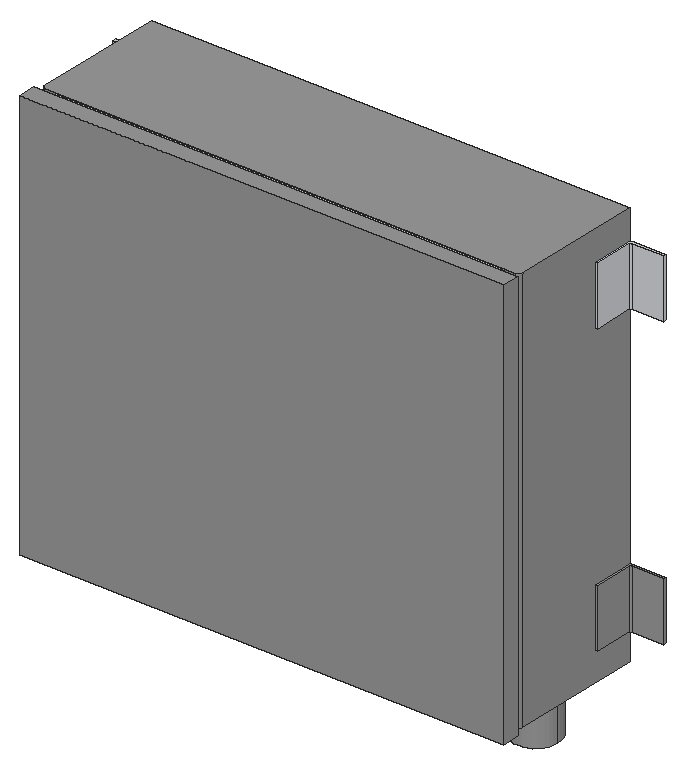
Revit family "GMV-N36、72、140、280、560UA&B&C-T control box", category 机械设备, Revit 2014
Parameters
  width = 334 mm
  height = 111.15 mm
  depth = 284 mm
Reference planes
  plane 1 "中心(前/后)": y = 0
  plane 2: z = 0
  plane 3 "中心(左/右)": x = 0
  plane 4: x = -0.55
  plane 5: x = 30.499
  plane 6: x = 55.986
  plane 7: x = 93.91
Forms (mm)
  Extrusion 1, solid, material "cabinet"
    sketch origin (0, 0, 0) x (1, 0, 0) y (0, 1, 0)
      loop
        line (165, 46.675) -> (-165, 46.675) -> (-165, -45.881)
        arc (-165, -45.881) -> (-164.284, -47.609) -> (-162.556, -48.325) r 2.444
        line (-162.556, -48.325) -> (162.344, -48.325)
        arc (162.344, -48.325) -> (164.222, -47.547) -> (165, -45.669) r 2.656
        line (165, -45.669) -> (165, 46.675)
    from -140.35 to 140.35
  Extrusion 2, solid
    sketch origin (0, 0, 0) x (1, 0, 0) y (0, 1, 0)
      loop
        line (-154.15, -48.325) -> (-154.15, -52.475) -> (154.15, -52.475) -> (154.15, -48.325) -> (-154.15, -48.325)
    from -140.35 to 140.35
  Extrusion 3, solid, material "cabinet"
    sketch origin (0, 0, 0) x (1, 0, 0) y (0, 1, 0)
      loop
        line (-167, -52.475) -> (-167, -64.475) -> (167, -64.475) -> (167, -52.475) -> (-167, -52.475)
    from -142 to 142
  Extrusion 4, solid
    sketch origin (0, 0, 0) x (1, 0, 0) y (0, 1, 0)
      loop
        line (-190, 46.675) -> (-190, 44.675) -> (-167.81, 44.675)
        arc (-167.81, 44.675) -> (-167.237, 44.438) -> (-167, 43.865) r 0.81
        line (-167, 43.865) -> (-167, 16.675) -> (-165, 16.675) -> (-165, 44.019)
        arc (-165, 44.019) -> (-165.778, 45.897) -> (-167.656, 46.675) r 2.656
        line (-167.656, 46.675) -> (-190, 46.675)
    from 79.53 to 120
  Extrusion 5, solid
    sketch origin (0, 0, 0) x (-1, 0, 0) y (0, -1, 0)
      loop
        line (-190, -46.675) -> (-167.656, -46.675)
        arc (-167.656, -46.675) -> (-165.778, -45.897) -> (-165, -44.019) r 2.656
        line (-165, -44.019) -> (-165, -16.675) -> (-167, -16.675) -> (-167, -43.865)
        arc (-167, -43.865) -> (-167.237, -44.438) -> (-167.81, -44.675) r 0.81
        line (-167.81, -44.675) -> (-190, -44.675) -> (-190, -46.675)
    from 79.53 to 120
  Extrusion 6, solid
    sketch origin (0, 0, 0) x (0, -1, 0) y (1, 0, 0)
      loop
        line (-46.675, -190) -> (-44.675, -190) -> (-44.675, -167.81)
        arc (-44.675, -167.81) -> (-44.438, -167.237) -> (-43.865, -167) r 0.81
        line (-43.865, -167) -> (-16.675, -167) -> (-16.675, -165) -> (-44.019, -165)
        arc (-44.019, -165) -> (-45.897, -165.778) -> (-46.675, -167.656) r 2.656
        line (-46.675, -167.656) -> (-46.675, -190)
    from 79.53 to 120
  Extrusion 7, solid
    sketch origin (0, 0, 0) x (0, 1, 0) y (-1, 0, 0)
      loop
        line (46.675, -190) -> (46.675, -167.656)
        arc (46.675, -167.656) -> (45.897, -165.778) -> (44.019, -165) r 2.656
        line (44.019, -165) -> (16.675, -165) -> (16.675, -167) -> (43.865, -167)
        arc (43.865, -167) -> (44.438, -167.237) -> (44.675, -167.81) r 0.81
        line (44.675, -167.81) -> (44.675, -190) -> (46.675, -190)
    from 79.53 to 120
  Extrusion 8, solid, material "cabinet"
    sketch origin (0, 0, 0) x (1, 0, 0) y (0, 1, 0)
      loop
        line (-190, 46.675) -> (-190, 44.675) -> (-167.81, 44.675)
        arc (-167.81, 44.675) -> (-167.237, 44.438) -> (-167, 43.865) r 0.81
        line (-167, 43.865) -> (-167, 16.675) -> (-165, 16.675) -> (-165, 44.019)
        arc (-165, 44.019) -> (-165.778, 45.897) -> (-167.656, 46.675) r 2.656
        line (-167.656, 46.675) -> (-190, 46.675)
    from 79.53 to 120
  Extrusion 9, solid, material "cabinet"
    sketch origin (0, 0, 0) x (-1, 0, 0) y (0, -1, 0)
      loop
        line (-190, -46.675) -> (-167.656, -46.675)
        arc (-167.656, -46.675) -> (-165.778, -45.897) -> (-165, -44.019) r 2.656
        line (-165, -44.019) -> (-165, -16.675) -> (-167, -16.675) -> (-167, -43.865)
        arc (-167, -43.865) -> (-167.237, -44.438) -> (-167.81, -44.675) r 0.81
        line (-167.81, -44.675) -> (-190, -44.675) -> (-190, -46.675)
    from 79.53 to 120
  Extrusion 10, solid, material "cabinet"
    sketch origin (0, 0, -199.53) x (1, 0, 0) y (0, 1, 0)
      loop
        line (-190, 46.675) -> (-190, 44.675) -> (-167.81, 44.675)
        arc (-167.81, 44.675) -> (-167.237, 44.438) -> (-167, 43.865) r 0.81
        line (-167, 43.865) -> (-167, 16.675) -> (-165, 16.675) -> (-165, 44.019)
        arc (-165, 44.019) -> (-165.778, 45.897) -> (-167.656, 46.675) r 2.656
        line (-167.656, 46.675) -> (-190, 46.675)
    from 79.53 to 120
  Extrusion 11, solid, material "cabinet"
    sketch origin (0, 0, -199.53) x (-1, 0, 0) y (0, -1, 0)
      loop
        line (-190, -46.675) -> (-167.656, -46.675)
        arc (-167.656, -46.675) -> (-165.778, -45.897) -> (-165, -44.019) r 2.656
        line (-165, -44.019) -> (-165, -16.675) -> (-167, -16.675) -> (-167, -43.865)
        arc (-167, -43.865) -> (-167.237, -44.438) -> (-167.81, -44.675) r 0.81
        line (-167.81, -44.675) -> (-190, -44.675) -> (-190, -46.675)
    from 79.53 to 120
  Extrusion 12, solid, material "cabinet"
    sketch origin (-4.687, -11.562, 0) x (1, 0, 0) y (0, 1, 0)
      loop
        circle (-95.303, 8.127) r 14
    from -167 to -140.35
  Extrusion 13, solid, material "cabinet"
    sketch origin (60.303, -11.562, 0) x (1, 0, 0) y (0, 1, 0)
      loop
        circle (-95.303, 8.127) r 14
    from -167 to -140.35
  Extrusion 14, solid, material "cabinet"
    sketch origin (23.795, -12.5, -120) x (1, 0, 0) y (0, 1, 0)
      loop
        circle (-8.621, 9.242) r 15.5
    from -52.083 to -20.35
  Extrusion 15, solid, material "cabinet"
    sketch origin (-22.979, -3.125, -130) x (1, 0, 0) y (0, 1, 0)
      loop
        circle (97.904, 0) r 19
    from -43.102 to -10.35
  Extrusion 16, solid, material "cabinet"
    sketch origin (148.795, -12.5, -120) x (1, 0, 0) y (0, 1, 0)
      loop
        circle (-8.621, 9.242) r 15.5
    from -52.083 to -20.35
Dimensions and locks
  plane 5 to plane 4 = 31.049 mm
  plane 7 to plane 6 = 37.924 mm
  "width": Extrusion 3 to Extrusion 3
  "height": Extrusion 3 to Extrusion 8
  "depth": Extrusion 3 to Extrusion 3
  aligned and locked: level to plane 2
Automatic sketch dimensions
  Extrusion 1 sketch curve to plane 1 "中心(前/后)" = 46.675 mm
  Extrusion 1 sketch curve to plane 4 = 164.45 mm
  Extrusion 1 sketch curve to Extrusion 1 sketch curve = 2.444 mm
  plane 7 to Extrusion 1 sketch curve = 68.435 mm
  Extrusion 1 sketch curve to Extrusion 1 sketch curve = 2.656 mm
  plane 1 "中心(前/后)" to Extrusion 1 sketch curve = 45.669 mm
  plane 1 "中心(前/后)" to Extrusion 2 sketch curve = 52.475 mm
  Extrusion 2 sketch curve to plane 4 = 153.6 mm
  plane 7 to Extrusion 2 sketch curve = 60.24 mm
  Extrusion 2 sketch curve to Extrusion 2 sketch curve = 4.15 mm
  plane 1 "中心(前/后)" to Extrusion 3 sketch curve = 64.475 mm
  Extrusion 3 sketch curve to plane 4 = 166.45 mm
  plane 7 to Extrusion 3 sketch curve = 73.09 mm
  Extrusion 3 sketch curve to Extrusion 3 sketch curve = 12 mm
  Extrusion 4 sketch curve to plane 1 "中心(前/后)" = 44.675 mm
  Extrusion 4 sketch curve to plane 4 = 189.45 mm
  Extrusion 4 sketch curve to Extrusion 4 sketch curve = 22.19 mm
  Extrusion 4 sketch curve to Extrusion 4 sketch curve = 0.153 mm  (x2)
  Extrusion 4 sketch curve to Extrusion 4 sketch curve = 0.81 mm
  Extrusion 4 sketch curve to Extrusion 4 sketch curve = 2 mm
  Extrusion 4 sketch curve to plane 1 "中心(前/后)" = 16.675 mm
  Extrusion 5 sketch curve to plane 1 "中心(前/后)" = 44.675 mm
  plane 7 to Extrusion 5 sketch curve = 96.09 mm
  Extrusion 5 sketch curve to Extrusion 5 sketch curve = 22.19 mm
  Extrusion 5 sketch curve to Extrusion 5 sketch curve = 0.153 mm
  Extrusion 5 sketch curve to Extrusion 5 sketch curve = 0.81 mm
  Extrusion 5 sketch curve to Extrusion 5 sketch curve = 2 mm  (x2)
  Extrusion 5 sketch curve to plane 1 "中心(前/后)" = 16.675 mm
  Extrusion 6 sketch curve to plane 1 "中心(前/后)" = 46.675 mm
  Extrusion 6 sketch curve to Extrusion 6 sketch curve = 2 mm
  Extrusion 6 sketch curve to Extrusion 6 sketch curve = 0.656 mm
  Extrusion 6 sketch curve to Extrusion 6 sketch curve = 0.153 mm  (x2)
  Extrusion 6 sketch curve to plane 1 "中心(前/后)" = 16.675 mm
  Extrusion 6 sketch curve to plane 4 = 189.45 mm
  Extrusion 6 sketch curve to Extrusion 6 sketch curve = 22.19 mm
  Extrusion 7 sketch curve to plane 1 "中心(前/后)" = 16.675 mm
  Extrusion 7 sketch curve to Extrusion 7 sketch curve = 27.19 mm
  Extrusion 7 sketch curve to Extrusion 7 sketch curve = 0.153 mm  (x2)
  Extrusion 7 sketch curve to Extrusion 7 sketch curve = 0.81 mm
  Extrusion 7 sketch curve to Extrusion 7 sketch curve = 2 mm
  plane 7 to Extrusion 7 sketch curve = 96.09 mm
  Extrusion 7 sketch curve to Extrusion 7 sketch curve = 22.19 mm
  Extrusion 8 sketch curve to plane 1 "中心(前/后)" = 44.675 mm
  Extrusion 8 sketch curve to plane 4 = 189.45 mm
  Extrusion 8 sketch curve to Extrusion 8 sketch curve = 22.19 mm
  Extrusion 8 sketch curve to Extrusion 8 sketch curve = 0.153 mm  (x2)
  Extrusion 8 sketch curve to Extrusion 8 sketch curve = 0.81 mm
  Extrusion 8 sketch curve to Extrusion 8 sketch curve = 2 mm
  Extrusion 8 sketch curve to plane 1 "中心(前/后)" = 16.675 mm
  Extrusion 9 sketch curve to plane 1 "中心(前/后)" = 44.675 mm
  plane 7 to Extrusion 9 sketch curve = 96.09 mm
  Extrusion 9 sketch curve to Extrusion 9 sketch curve = 22.19 mm
  Extrusion 9 sketch curve to Extrusion 9 sketch curve = 0.153 mm
  Extrusion 9 sketch curve to Extrusion 9 sketch curve = 0.81 mm
  Extrusion 9 sketch curve to Extrusion 9 sketch curve = 2 mm  (x2)
  Extrusion 9 sketch curve to plane 1 "中心(前/后)" = 16.675 mm
  Extrusion 10 sketch curve to plane 1 "中心(前/后)" = 44.675 mm
  Extrusion 10 sketch curve to plane 4 = 189.45 mm
  Extrusion 10 sketch curve to Extrusion 10 sketch curve = 22.19 mm
  Extrusion 10 sketch curve to Extrusion 10 sketch curve = 0.153 mm  (x2)
  Extrusion 10 sketch curve to Extrusion 10 sketch curve = 0.81 mm
  Extrusion 10 sketch curve to Extrusion 10 sketch curve = 2 mm
  Extrusion 10 sketch curve to plane 1 "中心(前/后)" = 16.675 mm
  Extrusion 11 sketch curve to plane 1 "中心(前/后)" = 44.675 mm
  plane 7 to Extrusion 11 sketch curve = 96.09 mm
  Extrusion 11 sketch curve to Extrusion 11 sketch curve = 22.19 mm
  Extrusion 11 sketch curve to Extrusion 11 sketch curve = 0.153 mm
  Extrusion 11 sketch curve to Extrusion 11 sketch curve = 0.81 mm
  Extrusion 11 sketch curve to Extrusion 11 sketch curve = 2 mm  (x2)
  Extrusion 11 sketch curve to plane 1 "中心(前/后)" = 16.675 mm
  plane 1 "中心(前/后)" to Extrusion 12 sketch curve = 3.435 mm
  Extrusion 12 sketch curve to plane 4 = 99.44 mm
  plane 1 "中心(前/后)" to Extrusion 13 sketch curve = 3.435 mm
  Extrusion 13 sketch curve to plane 4 = 34.45 mm
  plane 1 "中心(前/后)" to Extrusion 14 sketch curve = 3.258 mm
  plane 3 "中心(左/右)" to Extrusion 14 sketch curve = 15.174 mm
  plane 1 "中心(前/后)" to Extrusion 15 sketch curve = 3.125 mm
  plane 6 to Extrusion 15 sketch curve = 18.939 mm
  plane 1 "中心(前/后)" to Extrusion 16 sketch curve = 3.258 mm
  plane 7 to Extrusion 16 sketch curve = 46.264 mm
  radius of Extrusion 12 sketch curve = 14 mm
  radius of Extrusion 13 sketch curve = 14 mm
  radius of Extrusion 14 sketch curve = 15.5 mm
  radius of Extrusion 15 sketch curve = 19 mm
  radius of Extrusion 16 sketch curve = 15.5 mm
